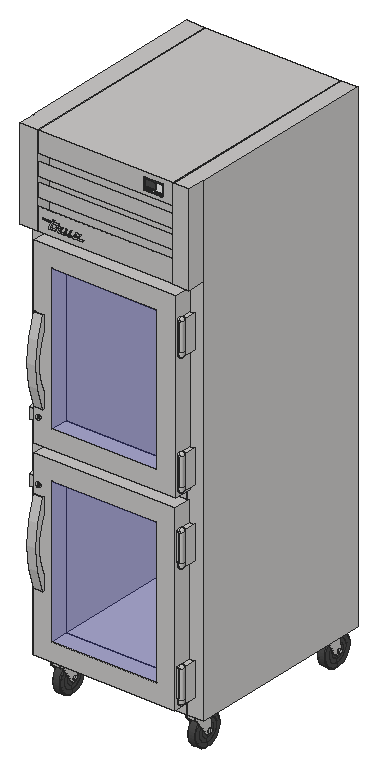
Revit family "QF_TRUE_STG1H-2HG", category Specialty Equipment, Revit 2012 (continued)
Automatic sketch dimensions
  plane 1 "BACK" to Extrusion 27 sketch curve = 3.8577"
  plane 1 "BACK" to Extrusion 27 sketch curve = 1.8585"
  plane 1 "BACK" to Extrusion 27 sketch curve = 1.1077"
  Extrusion 27 sketch curve to Extrusion 27 sketch curve = 0.32905"
  Extrusion 27 sketch curve to Extrusion 27 sketch curve = 0.60485"  (x2)
  Extrusion 28 sketch curve to plane 7 = 0.63926"  (x2)
  Extrusion 28 sketch curve to plane 5 "FRONT" = 3.79864"
  Extrusion 28 sketch curve to Extrusion 28 sketch curve = 1/4"  (x2)
  level to Extrusion 28 sketch curve = 2.18736"  (x2)
  Extrusion 28 sketch curve to Extrusion 28 sketch curve = 1.7492"
  Extrusion 28 sketch curve to Extrusion 28 sketch curve = 0.50669"  (x2)
  Extrusion 28 sketch curve to Extrusion 28 sketch curve = 2 1/2"
  level to Extrusion 28 sketch curve = 2.59003"
  Extrusion 28 sketch curve to Extrusion 28 sketch curve = 0.59966"  (x2)
  plane 1 "BACK" to Extrusion 28 sketch curve = 3.8577"
  plane 1 "BACK" to Extrusion 28 sketch curve = 1.8585"
  plane 1 "BACK" to Extrusion 28 sketch curve = 1.1077"
  Extrusion 28 sketch curve to Extrusion 28 sketch curve = 0.32905"
  Extrusion 28 sketch curve to Extrusion 28 sketch curve = 0.60485"  (x2)
  Revolve 29 sketch curve to plane 7 = 0.62954"
  Revolve 29 sketch curve to plane 4 "RIGHT" = 4.14082"
  Revolve 29 sketch curve to Revolve 29 sketch curve = 1.29707"
  Revolve 29 sketch curve to Revolve 29 sketch curve = 0"
  Revolve 29 sketch curve to Revolve 29 sketch curve = 0.10278"
  Revolve 29 sketch curve to plane 7 = 0.00141"
  plane 7 to Revolve 29 sketch curve = 0.26768"
  Revolve 30 sketch curve to level = 0"
  Revolve 30 sketch curve to plane 7 = 0"
  Revolve 30 sketch curve to plane 4 "RIGHT" = 4.17713"
  level to Revolve 30 sketch curve = 1"
  Revolve 30 sketch curve to plane 4 "RIGHT" = 3 19/32"
  Revolve 30 sketch curve to Revolve 30 sketch curve = 1/4"
  Revolve 30 sketch curve to Revolve 30 sketch curve = 1/2"
  Revolve 30 sketch curve to Revolve 30 sketch curve = 0"
  Revolve 30 sketch curve to Revolve 30 sketch curve = 5/8"
  plane 7 to Revolve 30 sketch curve = 1 25/32"
  Revolve 31 sketch curve to level = 0"
  Revolve 31 sketch curve to plane 7 = 0"
  Revolve 31 sketch curve to plane 4 "RIGHT" = 4.17713"
  level to Revolve 31 sketch curve = 1"
  Revolve 31 sketch curve to plane 4 "RIGHT" = 3 19/32"
  Revolve 31 sketch curve to Revolve 31 sketch curve = 1/4"
  Revolve 31 sketch curve to Revolve 31 sketch curve = 1/2"
  Revolve 31 sketch curve to Revolve 31 sketch curve = 0"
  Revolve 31 sketch curve to Revolve 31 sketch curve = 5/8"
  plane 7 to Revolve 31 sketch curve = 1 25/32"
  Revolve 32 sketch curve to plane 7 = 0.62954"
  Revolve 32 sketch curve to plane 4 "RIGHT" = 4.14082"
  Revolve 32 sketch curve to Revolve 32 sketch curve = 1.29707"
  Revolve 32 sketch curve to Revolve 32 sketch curve = 0"
  Revolve 32 sketch curve to Revolve 32 sketch curve = 0.10278"
  Revolve 32 sketch curve to plane 7 = 0.00141"
  plane 7 to Revolve 32 sketch curve = 0.26768"
  Extrusion 33 sketch curve to plane 7 = 0.63926"  (x2)
  Extrusion 33 sketch curve to plane 5 "FRONT" = 3.79864"
  Extrusion 33 sketch curve to Extrusion 33 sketch curve = 1/4"  (x2)
  Extrusion 33 sketch curve to Extrusion 33 sketch curve = 2 1/2"
  Extrusion 33 sketch curve to plane 7 = 0.93273"  (x2)
  Extrusion 33 sketch curve to Extrusion 33 sketch curve = 0.03603"
  plane 1 "BACK" to Extrusion 33 sketch curve = 3.8577"
  Extrusion 33 sketch curve to plane 7 = 1.24411"
  plane 1 "BACK" to Extrusion 33 sketch curve = 1.1077"
  Revolve 34 sketch curve to plane 4 "RIGHT" = 4.35148"
  Revolve 34 sketch curve to Revolve 34 sketch curve = 0.48273"
  Revolve 34 sketch curve to Revolve 34 sketch curve = 0.4"
  Revolve 34 sketch curve to Revolve 34 sketch curve = 0"  (x2)
  Revolve 34 sketch curve to Revolve 34 sketch curve = 0.1"  (x2)
  Revolve 34 sketch curve to Revolve 34 sketch curve = 0.16101"
  Revolve 34 sketch curve to Revolve 34 sketch curve = 0.75408"
  Revolve 34 sketch curve to Revolve 34 sketch curve = 0.92798"
  Revolve 34 sketch curve to Revolve 34 sketch curve = 0.06101"
  Revolve 34 sketch curve to Revolve 34 sketch curve = 1/2"
  Revolve 34 sketch curve to Revolve 34 sketch curve = 0.16509"
  Revolve 34 sketch curve to Revolve 34 sketch curve = 0.39592"
  level to Revolve 34 sketch curve = 2 1/2"
  Revolve 34 sketch curve to Revolve 34 sketch curve = 0.29941"  (x2)
  Revolve 34 sketch curve to Revolve 34 sketch curve = 3/4"  (x4)
  Revolve 34 sketch curve to Revolve 34 sketch curve = 0.59652"
  Revolve 34 sketch curve to Revolve 34 sketch curve = 0.60059"
  plane 3 "LEFT" to Revolve 35 sketch curve = 1.33602"
  Revolve 35 sketch curve to Revolve 35 sketch curve = 0.48273"
  Revolve 35 sketch curve to plane 8 = 5/8"  (x2)
  Revolve 35 sketch curve to Revolve 35 sketch curve = 0.1"  (x2)
  Revolve 35 sketch curve to Revolve 35 sketch curve = 0.16101"
  plane 8 to Revolve 35 sketch curve = 0.12908"
  plane 8 to Revolve 35 sketch curve = 0.46399"
  plane 8 to Revolve 35 sketch curve = 0.525"
  Revolve 35 sketch curve to Revolve 35 sketch curve = 1/2"
  Revolve 35 sketch curve to Revolve 35 sketch curve = 0.16509"
  Revolve 35 sketch curve to Revolve 35 sketch curve = 0.39592"
  level to Revolve 35 sketch curve = 2 1/2"
  Revolve 35 sketch curve to Revolve 35 sketch curve = 0"
  Revolve 35 sketch curve to Revolve 35 sketch curve = 0.29941"  (x2)
  Revolve 35 sketch curve to Revolve 35 sketch curve = 3/4"  (x4)
  Revolve 35 sketch curve to Revolve 35 sketch curve = 0.59652"
  Revolve 35 sketch curve to Revolve 35 sketch curve = 0.60059"
  Extrusion 36 sketch curve to plane 7 = 0.63926"  (x2)
  Extrusion 36 sketch curve to plane 5 "FRONT" = 3.79864"
  Extrusion 36 sketch curve to Extrusion 36 sketch curve = 1/4"  (x2)
  level to Extrusion 36 sketch curve = 2.18736"  (x2)
  Extrusion 36 sketch curve to Extrusion 36 sketch curve = 1.7492"
  Extrusion 36 sketch curve to Extrusion 36 sketch curve = 0.50669"  (x2)
  Extrusion 36 sketch curve to Extrusion 36 sketch curve = 2 1/2"
  level to Extrusion 36 sketch curve = 2.59003"
  Extrusion 36 sketch curve to Extrusion 36 sketch curve = 0.59966"  (x2)
  plane 1 "BACK" to Extrusion 36 sketch curve = 3.8577"
  plane 1 "BACK" to Extrusion 36 sketch curve = 1.8585"
  plane 1 "BACK" to Extrusion 36 sketch curve = 1.1077"
  Extrusion 36 sketch curve to Extrusion 36 sketch curve = 0.32905"
  Extrusion 36 sketch curve to Extrusion 36 sketch curve = 0.60485"  (x2)
  Extrusion 37 sketch curve to plane 7 = 0.63926"  (x2)
  Extrusion 37 sketch curve to plane 5 "FRONT" = 3.79864"
  Extrusion 37 sketch curve to Extrusion 37 sketch curve = 1/4"  (x2)
  level to Extrusion 37 sketch curve = 2.18736"  (x2)
  Extrusion 37 sketch curve to Extrusion 37 sketch curve = 1.7492"
  Extrusion 37 sketch curve to Extrusion 37 sketch curve = 0.50669"  (x2)
  Extrusion 37 sketch curve to Extrusion 37 sketch curve = 2 1/2"
  level to Extrusion 37 sketch curve = 2.59003"
  Extrusion 37 sketch curve to Extrusion 37 sketch curve = 0.59966"  (x2)
  plane 1 "BACK" to Extrusion 37 sketch curve = 3.8577"
  plane 1 "BACK" to Extrusion 37 sketch curve = 1.8585"
  plane 1 "BACK" to Extrusion 37 sketch curve = 1.1077"
  Extrusion 37 sketch curve to Extrusion 37 sketch curve = 0.32905"
  Extrusion 37 sketch curve to Extrusion 37 sketch curve = 0.60485"  (x2)
  Revolve 38 sketch curve to plane 8 = 0"  (x2)
  Revolve 38 sketch curve to plane 7 = 0.62954"
  Revolve 38 sketch curve to plane 8 = 1.29707"
  Revolve 38 sketch curve to Revolve 38 sketch curve = 0.10278"
  Revolve 38 sketch curve to plane 7 = 0.00141"
  plane 7 to Revolve 38 sketch curve = 0.26768"
  Revolve 39 sketch curve to level = 0"
  Revolve 39 sketch curve to plane 8 = 0"  (x2)
  Revolve 39 sketch curve to plane 8 = 1/2"
  Revolve 39 sketch curve to Revolve 39 sketch curve = 1/4"
  Revolve 39 sketch curve to plane 7 = 0"
  Revolve 39 sketch curve to plane 8 = 1.33338"
  level to Revolve 39 sketch curve = 1"
  Revolve 39 sketch curve to Revolve 39 sketch curve = 5/8"
  plane 7 to Revolve 39 sketch curve = 1 25/32"
  Revolve 40 sketch curve to level = 0"
  Revolve 40 sketch curve to plane 8 = 0"  (x2)
  Revolve 40 sketch curve to plane 8 = 1/2"
  Revolve 40 sketch curve to Revolve 40 sketch curve = 1/4"
  Revolve 40 sketch curve to plane 7 = 0"
  Revolve 40 sketch curve to plane 8 = 1.33338"
  level to Revolve 40 sketch curve = 1"
  Revolve 40 sketch curve to Revolve 40 sketch curve = 5/8"
  plane 7 to Revolve 40 sketch curve = 1 25/32"
  Revolve 41 sketch curve to plane 8 = 0"  (x2)
  Revolve 41 sketch curve to plane 7 = 0.62954"
  Revolve 41 sketch curve to plane 8 = 1.29707"
  Revolve 41 sketch curve to Revolve 41 sketch curve = 0.10278"
  Revolve 41 sketch curve to plane 7 = 0.00141"
  plane 7 to Revolve 41 sketch curve = 0.26768"
  Extrusion 42 sketch curve to plane 7 = 0.63926"  (x2)
  Extrusion 42 sketch curve to plane 5 "FRONT" = 3.79864"
  Extrusion 42 sketch curve to Extrusion 42 sketch curve = 1/4"  (x2)
  Extrusion 42 sketch curve to Extrusion 42 sketch curve = 2 1/2"
  Extrusion 42 sketch curve to plane 7 = 0.93273"  (x2)
  Extrusion 42 sketch curve to Extrusion 42 sketch curve = 0.03603"
  plane 1 "BACK" to Extrusion 42 sketch curve = 3.8577"
  Extrusion 42 sketch curve to plane 7 = 1.24411"
  plane 1 "BACK" to Extrusion 42 sketch curve = 1.1077"
  plane 3 "LEFT" to Revolve 43 sketch curve = 1.33602"
  Revolve 43 sketch curve to Revolve 43 sketch curve = 0.48273"
  Revolve 43 sketch curve to plane 8 = 5/8"  (x2)
  Revolve 43 sketch curve to Revolve 43 sketch curve = 0.1"  (x2)
  Revolve 43 sketch curve to Revolve 43 sketch curve = 0.16101"
  plane 8 to Revolve 43 sketch curve = 0.12908"
  plane 8 to Revolve 43 sketch curve = 0.46399"
  plane 8 to Revolve 43 sketch curve = 0.525"
  Revolve 43 sketch curve to Revolve 43 sketch curve = 1/2"
  Revolve 43 sketch curve to Revolve 43 sketch curve = 0.16509"
  Revolve 43 sketch curve to Revolve 43 sketch curve = 0.39592"
  level to Revolve 43 sketch curve = 2 1/2"
  Revolve 43 sketch curve to Revolve 43 sketch curve = 0"
  Revolve 43 sketch curve to Revolve 43 sketch curve = 0.29941"  (x2)
  Revolve 43 sketch curve to Revolve 43 sketch curve = 3/4"  (x4)
  Revolve 43 sketch curve to Revolve 43 sketch curve = 0.59652"
  Revolve 43 sketch curve to Revolve 43 sketch curve = 0.60059"
  plane 5 "FRONT" to Extrusion 44 sketch curve = 1/16"
  Extrusion 44 sketch curve to plane 8 = 9/16"
  Extrusion 44 sketch curve to plane 4 "RIGHT" = 2 1/4"
  plane 8 to Extrusion 45 sketch curve = 2 7/16"  (x2)
  Extrusion 45 sketch curve to plane 4 "RIGHT" = 5 9/32"  (x2)
  plane 7 to Extrusion 45 sketch curve = 4 29/32"
  Extrusion 45 sketch curve to Extrusion 45 sketch curve = 23 7/32"
  Extrusion 45 sketch curve to Extrusion 45 sketch curve = 7 1/2"
  Extrusion 45 sketch curve to plane 6 "TOP" = 19 5/32"
  Extrusion 46 sketch curve to plane 8 = 0"
  Extrusion 46 sketch curve to plane 5 "FRONT" = 5.09023"
  Extrusion 47 sketch curve to plane 8 = 0"
  plane 1 "BACK" to Extrusion 47 sketch curve = 2.69102"
  Extrusion 48 sketch curve to plane 4 "RIGHT" = 2 27/32"
  plane 1 "BACK" to Extrusion 48 sketch curve = 2.69102"
  Extrusion 49 sketch curve to plane 4 "RIGHT" = 2 27/32"
  Extrusion 49 sketch curve to plane 5 "FRONT" = 5.09023"
  plane 5 "FRONT" to Extrusion 50 sketch curve = 1/16"
  Extrusion 50 sketch curve to plane 8 = 9/16"
  Extrusion 50 sketch curve to plane 4 "RIGHT" = 2 1/4"
  plane 5 "FRONT" to Extrusion 51 sketch curve = 0.2"  (x2)
  plane 5 "FRONT" to Extrusion 51 sketch curve = 0"  (x2)
  Extrusion 51 sketch curve to plane 5 "FRONT" = 7.77899"
  Extrusion 51 sketch curve to Extrusion 51 sketch curve = 7.30945"
  plane 7 to Extrusion 51 sketch curve = 11.69792"
  Extrusion 51 sketch curve to Extrusion 51 sketch curve = 2.4"
  Extrusion 51 sketch curve to Extrusion 51 sketch curve = 4.4"
  Extrusion 51 sketch curve to Extrusion 51 sketch curve = 0"
  plane 8 to Extrusion 52 sketch curve = 0.1984"
  plane 8 to Extrusion 52 sketch curve = 7/32"
  Extrusion 52 sketch curve to Extrusion 52 sketch curve = 0.0555"
  plane 7 to Extrusion 52 sketch curve = 26.53865"
  Extrusion 52 sketch curve to Extrusion 52 sketch curve = 0.27385"
  Extrusion 52 sketch curve to Extrusion 52 sketch curve = 0.29355"
  Blend 53 sketch curve to plane 8 = 9/16"  (x2)
  Blend 53 sketch curve to Blend 53 sketch curve = 3/4"
  plane 7 to Blend 53 sketch curve = 27.75831"
  Blend 53 sketch curve to Blend 53 sketch curve = 1 3/4"
  Blend 53 sketch curve to Blend 53 sketch curve = 0.93223"
  plane 7 to Blend 53 sketch curve = 28.3559"
  Blend 53 sketch curve to Blend 53 sketch curve = 2.78233"
  Extrusion 3 sketch curve to plane 9 = 0"  (x4)
  plane 9 to Extrusion 3 sketch curve = 2.7042"  (x2)
  Extrusion 3 sketch curve to plane 6 "TOP" = 0"
  plane 9 to Extrusion 3 sketch curve = 2.2042"
  Extrusion 3 sketch curve to Extrusion 3 sketch curve = 0"  (x3)
  Extrusion 3 sketch curve to Extrusion 3 sketch curve = 1/2"
  Extrusion 3 sketch curve to Extrusion 3 sketch curve = 1"  (x2)
  plane 1 "BACK" to Extrusion 3 sketch curve = 2"
  plane 1 "BACK" to Extrusion 3 sketch curve = 0"
  Extrusion 3 sketch curve to plane 6 "TOP" = 3.34422"
  Extrusion 3 sketch curve to Extrusion 3 sketch curve = 1.12227"  (x2)
  Extrusion 3 sketch curve to Extrusion 3 sketch curve = 0.445"
  Extrusion 3 sketch curve to Extrusion 3 sketch curve = 2.13371"  (x2)
  Extrusion 3 sketch curve to Extrusion 3 sketch curve = 0.96076"  (x2)
  Extrusion 3 sketch curve to Extrusion 3 sketch curve = 2.0962"  (x2)
  Extrusion 3 sketch curve to Extrusion 3 sketch curve = 1.27557"  (x2)
  Extrusion 3 sketch curve to Extrusion 3 sketch curve = 2 1/8"
  Extrusion 3 sketch curve to Extrusion 3 sketch curve = 2 1/2"  (x2)
  Extrusion 3 sketch curve to Extrusion 3 sketch curve = 27 15/16"
  plane 7 to Extrusion 3 sketch curve = 2 29/32"
  Extrusion 3 sketch curve to plane 7 = 0"
  plane 1 "BACK" to curve 1 = 0"
  curve 1 to plane 3 "LEFT" = 0"
  plane 5 "FRONT" to curve 23 = 0"
  curve 1 to plane 4 "RIGHT" = 0"
  plane 3 "LEFT" to curve 12 = 1.20097"
  plane 3 "LEFT" to curve 8 = 1.20097"
  curve 23 to plane 8 = 9/16"
  curve 23 to curve 25 = 0.19347"
  curve 8 to plane 8 = 11/32"
  curve 13 to plane 8 = 11/32"
  plane 8 to curve 7 = 0.98222"
  plane 1 "BACK" to curve 11 = 0.4208"
  plane 8 to curve 11 = 0.98222"
  plane 8 to curve 24 = 1.13097"
  plane 8 to curve 22 = 2.51473"
  curve 16 to plane 4 "RIGHT" = 5.39157"
  curve 20 to plane 4 "RIGHT" = 5.29782"
  curve 15 to curve 16 = 1.29904"
  curve 19 to curve 21 = 1.29904"
  plane 1 "BACK" to curve 14 = 0.4208"
  curve 14 to plane 4 "RIGHT" = 2.76657"
  curve 19 to plane 4 "RIGHT" = 2.67282"
  curve 23 to plane 4 "RIGHT" = 2 1/4"
  curve 22 to curve 23 = 0"
  curve 24 to curve 24 = 1.64405"
  curve 26 to curve 25 = 0.2"
  curve 5 to plane 5 "FRONT" = 2 1/4"
  curve 21 to plane 5 "FRONT" = 3.92849"
  curve 5 to curve 9 = 1.78257"
  curve 20 to curve 20 = 3/4"
  curve 8 to curve 7 = 3/4"
  curve 13 to curve 10 = 5.29663"
  curve 16 to curve 14 = 5.29663"
  radius of Extrusion 8 sketch curve = 0.35"
  radius of Extrusion 12 sketch curve = 1/4"
  radius of Extrusion 46 sketch curve = 1 1/2"
  radius of Extrusion 47 sketch curve = 1 1/2"
  radius of Extrusion 48 sketch curve = 1 1/2"
  radius of Extrusion 49 sketch curve = 1 1/2"
  radius of Extrusion 52 sketch curve = 0.35"
Connectors (in)
  electrical at (24.25, -0.0625, 82), driven by "Volts", driven by "Watts"
    settings: on Extrusion 12, index 1, voltage 208 V, apparent load 1500 VA, apparent load phase1 0 VA, apparent load phase2 0 VA, apparent load phase3 0 VA, power factor 1, load classification "Other", number of poles 1, system type 30, power factor state 1, is connector primary yes, connector utility no, sub classification motor no, connector description "ELECTRICAL CONNECTION"
